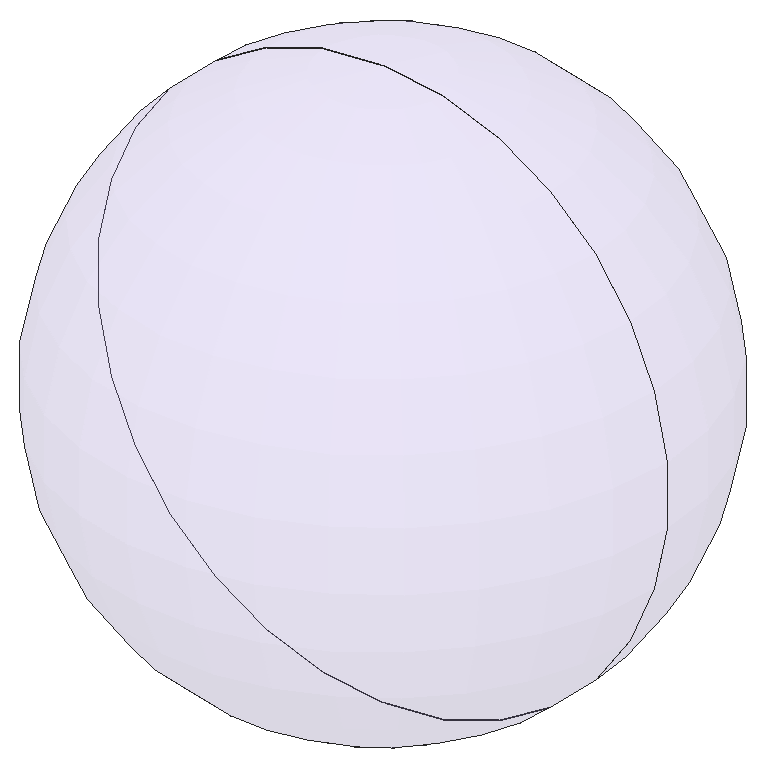
Revit family
Parameters
  반지름 [instance] = 4500 mm
  매스 재료 [instance] = 기본 매스
  Default Elevation = 1219.2 mm
Reference planes
  plane 1 "중심(앞/뒤)": y = 12.955
  plane 2: z = 0
  plane 3 "중심(왼쪽/오른쪽)": x = -30.261
  plane 4: x = -4530.261
  plane 5: y = 4512.955
  plane 6: x = 4469.739
  plane 7: y = -4487.045
  plane 8: z = 4500
  plane 9: z = -4500
Forms (mm)
  Revolve 1, solid, material "기본 매스" <- "매스 재료"
    sketch origin (0, 12.955, 0) x (1, 0, 0) y (0, 0, 1)
      loop
        line (-30.261, -4500) -> (-30.261, 4500)
        arc (-30.261, 4500) -> (-4530.261, 0) -> (-30.261, -4500) r 4500
      axis (-30.261, -4500) -> (-30.261, 4500)
    angle from 0 to 360
Dimensions and locks
  "반지름": plane 5 to plane 1 "중심(앞/뒤)"
  "반지름": plane 7 to plane 1 "중심(앞/뒤)"
  "반지름": plane 4 to plane 3 "중심(왼쪽/오른쪽)"
  "반지름": plane 3 "중심(왼쪽/오른쪽)" to plane 6
  "반지름": plane 8 to plane 2
  "반지름": plane 2 to plane 9
  locked: plane 2 to Revolve 1 sketch curve
  locked: plane 3 "중심(왼쪽/오른쪽)" to Revolve 1 sketch curve at 0
  locked: plane 2 to level
  aligned and locked: Revolve 1 sketch curve to plane 3 "중심(왼쪽/오른쪽)"
Automatic sketch dimensions
  Revolve 1 sketch curve to plane 3 "중심(왼쪽/오른쪽)" = 0 mm
  Revolve 1 sketch curve to plane 9 = 0 mm
  Revolve 1 sketch curve to Revolve 1 sketch curve = 800 mm
  Revolve 1 sketch curve to Revolve 1 sketch curve = 900 mm
